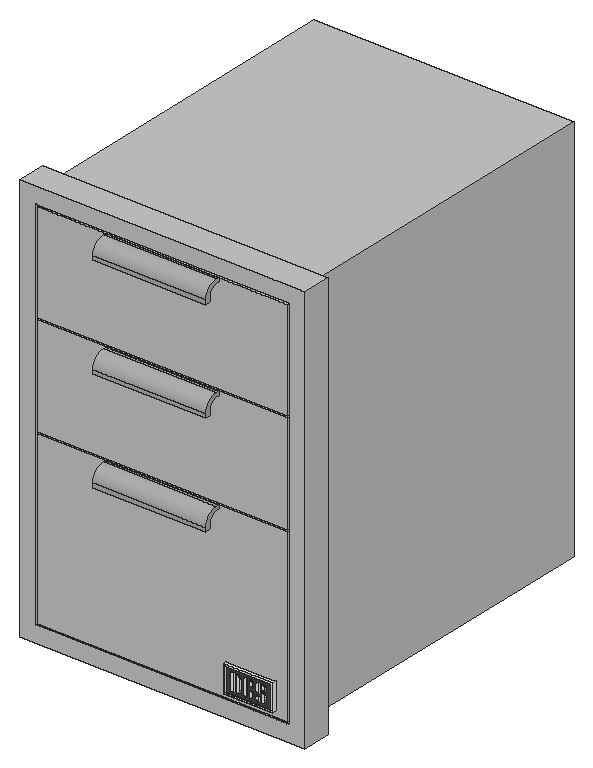
Revit family "DCS_Revit_18_TDT1-20_Storage_593519A", category Specialty Equipment, Revit 2018
Family settings
  Round Connector Dimension = Use Diameter
  Part Type = Normal
  OmniClass Number = 23.40.40.14.17.21
  OmniClass Title = Grills
  Work Plane-Based = No
  Always vertical = Yes
  Cut with Voids When Loaded = Yes
  Shared = No
  Room Calculation Point = No
Parameters (values of type "TDT1-20")
  Visibility - Clearance Required = yes
  URL = "www.dcsappliances.com"
  Product - Width = 516 mm  # constant formula
  Product - Height = 740 mm  # constant formula
  Product - Depth = 666 mm  # constant formula
  Model = "TDT1-20"
  Material - Handle = DCS - Aluminium
  Material - Body = DCS - Stainless Steel
  Manufacturer = "Fisher & Paykel"
  Keynote = ""
  Description = "Access Drawers Built-in"
  Chassis - Width = 469 mm  # constant formula
  Chassis - Height = 705 mm  # constant formula
  Chassis - Depth = 585 mm  # constant formula
  Cavity - Width = 480 mm  # constant formula
  Cavity - Height = 710 mm  # constant formula
  Cavity - Depth = 587 mm  # constant formula
Reference planes
  plane 1 "Center (Front/Back)": y = 0
  plane 2: z = 0
  plane 3 "Center (Left/Right)": x = 0
  plane 4 "Cavity - Height": z = 710
  plane 5 "Product LHS": x = -258
  plane 6 "Product RHS": x = 258
  plane 7 "Product - Depth": y = 585
  plane 8 "Cavity LHS": x = -240
  plane 9 "Cavity RHS": x = 240
  plane 10 "Cavity - Depth": y = 587
  plane 11 "Chassis LHS": x = -234.5
  plane 12 "Chassis RHS": x = 234.5
  plane 13 "Product - Height": z = 717
  plane 14 "Chassis - Height": z = 705
  plane 15 "Product - Lower": z = -23
  plane 16 "Handle": y = -81
Forms (mm)
  Extrusion 1, solid, material "DCS - Stainless Steel" <- "Material - Body"
    sketch origin (0, 0, 0) x (1, 0, 0) y (0, 0, 1)
      loop
        line (-258, 717) -> (-258, -23) -> (258, -23) -> (258, 717) -> (-258, 717)
      loop
        line (229.4, 5.6) -> (229.4, 688.4) -> (-229.4, 688.4) -> (-229.4, 5.6) -> (229.4, 5.6)
      loop
        line (-226.2, 8.8) -> (226.2, 8.8) -> (226.2, 316.8) -> (-226.2, 316.8) -> (-226.2, 8.8)
      loop
        line (226.2, 685.2) -> (-226.2, 685.2) -> (-226.2, 504.14) -> (226.2, 504.14) -> (226.2, 685.2)
      loop
        line (226.2, 501.06) -> (-226.2, 501.06) -> (-226.2, 320) -> (226.2, 320) -> (226.2, 501.06)
    from 0 to 51
  Extrusion 2, solid, material "DCS - Stainless Steel" <- "Material - Body"
    sketch origin (0, 0, 0) x (1, 0, 0) y (0, 0, 1)
      loop
        line (-234.5, 705) -> (-234.5, 0) -> (234.5, 0) -> (234.5, 705) -> (-234.5, 705)
    from -585 to 0
  Extrusion 3, solid, material "DCS - Aluminium" <- "Material - Handle"
    sketch origin (0, 0, 0) x (0, 1, 0) y (0, 0, 1)
      loop
        arc (-56.894, 685.263) -> (-73.941, 678.617) -> (-81.06, 661.763) r 23.509
        line (-81.06, 661.763) -> (-81.06, 655.083) -> (-72.17, 655.083) -> (-72.17, 669.453)
        arc (-72.17, 669.453) -> (-66.093, 675.897) -> (-57.56, 678.273) r 16.51
        line (-57.56, 678.273) -> (-51, 678.273) -> (-51, 685.263) -> (-56.894, 685.263)
      loop
        arc (-56.894, 501.123) -> (-73.941, 494.477) -> (-81.06, 477.623) r 23.509
        line (-81.06, 477.623) -> (-81.06, 470.943) -> (-72.17, 470.943) -> (-72.17, 485.313)
        arc (-72.17, 485.313) -> (-66.093, 491.757) -> (-57.56, 494.133) r 16.51
        line (-57.56, 494.133) -> (-51, 494.133) -> (-51, 501.123) -> (-56.894, 501.123)
      loop
        arc (-56.894, 316.863) -> (-73.941, 310.217) -> (-81.06, 293.363) r 23.509
        line (-81.06, 293.363) -> (-81.06, 286.683) -> (-72.17, 286.683) -> (-72.17, 301.053)
        arc (-72.17, 301.053) -> (-66.093, 307.497) -> (-57.56, 309.873) r 16.51
        line (-57.56, 309.873) -> (-51, 309.873) -> (-51, 316.863) -> (-56.894, 316.863)
    from -102 to 102
  Extrusion 4, solid, material "DCS - Clearance Required", visible <- "Visibility - Clearance Required", detail levels coarse
    sketch origin (0, 0, 0) x (0, 1, 0) y (0, 0, 1)
      loop
        line (0, 0) -> (587, 0) -> (587, 710) -> (0, 710) -> (0, 0)
    from -240 to 240
  Extrusion 5, void
    sketch origin (0, 0, 0) x (0, 1, 0) y (0, 0, 1)
      loop
        line (0, 0) -> (587, 0) -> (587, 710) -> (0, 710) -> (0, 0)
    from -240 to 240
  Extrusion 6, solid, material "DCS - Clearance Required", visible <- "Visibility - Clearance Required", detail levels coarse
    sketch origin (0, 0, 0) x (0, 1, 0) y (0, 0, 1)
      loop
        arc (-499.394, 685.2) -> (-514.233, 678.328) -> (-521, 663.442) r 23.509
        line (-521, 663.442) -> (-521, 655.083) -> (-491, 655.083) -> (-491, 501.06) -> (-499.394, 501.06)
        arc (-499.394, 501.06) -> (-514.233, 494.188) -> (-521, 479.302) r 23.509
        line (-521, 479.302) -> (-521, 470.943) -> (-491, 470.943) -> (-491, 316.8) -> (-499.394, 316.8)
        arc (-499.394, 316.8) -> (-514.233, 309.928) -> (-521, 295.042) r 23.509
        line (-521, 295.042) -> (-521, 286.683) -> (-491, 286.683) -> (-491, 8.8) -> (-51, 8.8) -> (-51, 685.2) -> (-491, 685.2) -> (-499.394, 685.2)
    from -226.2 to 226.2
Text (mm)
  text "Due to ongoing product development, product details are subject to change without notice. \nPlease always refer to www.fisherpaykel.com for the most current product information. \n© Fisher & Paykel Appliances Ltd 2020" at (40.13, -602.118, 0), in view "Ref. Level (Plan)"
Dimensions and locks
  equal spacing: plane 5 "Product LHS", plane 3 "Center (Left/Right)", plane 6 "Product RHS"
  "Product - Width": plane 5 "Product LHS" to plane 6 "Product RHS"
  equal spacing: plane 8 "Cavity LHS", plane 3 "Center (Left/Right)", plane 9 "Cavity RHS"
  "Cavity - Width": plane 8 "Cavity LHS" to plane 9 "Cavity RHS"
  "Cavity - Depth": plane 10 "Cavity - Depth" to plane 1 "Center (Front/Back)"
  "Cavity - Height": plane 4 "Cavity - Height" to level
  equal spacing: plane 11 "Chassis LHS", plane 3 "Center (Left/Right)", plane 12 "Chassis RHS"
  "Chassis - Width": plane 11 "Chassis LHS" to plane 12 "Chassis RHS"
  "Chassis - Height": plane 14 "Chassis - Height" to level
  locked: level to plane 15 "Product - Lower" at 23
  "Product - Height": plane 15 "Product - Lower" to plane 13 "Product - Height"
  plane 5 "Product LHS" to plane 6 "Product RHS" = 516 mm
  "Chassis - Depth": plane 7 "Product - Depth" to plane 1 "Center (Front/Back)"
  "Product - Depth": plane 7 "Product - Depth" to plane 16 "Handle"
  aligned and locked: level to plane 2
  aligned and locked: Extrusion 2 sketch curve to plane 12 "Chassis RHS"
  aligned and locked: level to Extrusion 2 sketch curve
  aligned and locked: Extrusion 2 sketch curve to plane 11 "Chassis LHS"
  aligned and locked: Extrusion 2 sketch curve to plane 14 "Chassis - Height"
  aligned and locked: plane 1 "Center (Front/Back)" to Extrusion 2
  aligned and locked: plane 7 "Product - Depth" to Extrusion 2
  aligned and locked: Extrusion 4 to plane 9 "Cavity RHS"
  aligned and locked: plane 8 "Cavity LHS" to Extrusion 4
  aligned and locked: plane 10 "Cavity - Depth" to Extrusion 4
  aligned and locked: plane 8 "Cavity LHS" to Extrusion 5
  aligned and locked: Extrusion 5 to plane 9 "Cavity RHS"
  aligned and locked: plane 10 "Cavity - Depth" to Extrusion 5
Automatic sketch dimensions
  Extrusion 4 sketch curve to plane 1 "Center (Front/Back)" = 0 mm
  Extrusion 4 sketch curve to plane 4 "Cavity - Height" = 0 mm
  Extrusion 4 sketch curve to plane 10 "Cavity - Depth" = 0 mm
  Extrusion 4 sketch curve to level = 0 mm
  Extrusion 5 sketch curve to plane 1 "Center (Front/Back)" = 0 mm
  Extrusion 5 sketch curve to plane 4 "Cavity - Height" = 0 mm
  Extrusion 5 sketch curve to plane 10 "Cavity - Depth" = 0 mm
  Extrusion 5 sketch curve to level = 0 mm
  plane 5 "Product LHS" to Extrusion 1 sketch curve = 0 mm
  plane 6 "Product RHS" to Extrusion 1 sketch curve = 0 mm
  Extrusion 1 sketch curve to plane 15 "Product - Lower" = 0 mm
  Extrusion 1 sketch curve to plane 13 "Product - Height" = 0 mm
  Extrusion 1 sketch curve to plane 11 "Chassis LHS" = 5.1 mm
  Extrusion 1 sketch curve to Extrusion 1 sketch curve = 3.2 mm  (x6)
  plane 12 "Chassis RHS" to Extrusion 1 sketch curve = 8.3 mm
  level to Extrusion 1 sketch curve = 5.6 mm
  Extrusion 1 sketch curve to plane 14 "Chassis - Height" = 19.8 mm
  Extrusion 1 sketch curve to Extrusion 1 sketch curve = 308 mm
  Extrusion 1 sketch curve to Extrusion 1 sketch curve = 181.06 mm
  Extrusion 1 sketch curve to Extrusion 1 sketch curve = 3.08 mm
  Extrusion 1 sketch curve to Extrusion 1 sketch curve = 0 mm  (x3)
  Extrusion 3 sketch curve to Extrusion 3 sketch curve = 14.61 mm  (x3)
  Extrusion 3 sketch curve to Extrusion 3 sketch curve = 0.009 mm  (x3)
  Extrusion 3 sketch curve to Extrusion 3 sketch curve = 0.666 mm  (x3)
  Extrusion 3 sketch curve to Extrusion 3 sketch curve = 6.56 mm  (x2)
  Extrusion 3 sketch curve to Extrusion 3 sketch curve = 5.894 mm
  level to Extrusion 3 sketch curve = 286.683 mm
  Extrusion 3 sketch curve to Extrusion 3 sketch curve = 6.681 mm  (x3)
  Extrusion 3 sketch curve to Extrusion 3 sketch curve = 0 mm  (x3)
  Extrusion 3 sketch curve to Extrusion 3 sketch curve = 7.689 mm  (x3)
  Extrusion 3 sketch curve to Extrusion 3 sketch curve = 154.08 mm
  Extrusion 3 sketch curve to plane 14 "Chassis - Height" = 49.917 mm
  plane 1 "Center (Front/Back)" to Extrusion 3 sketch curve = 81.06 mm  (x3)
  Extrusion 3 sketch curve to Extrusion 3 sketch curve = 8.89 mm  (x3)
  Extrusion 6 sketch curve to plane 16 "Handle" = 440 mm
  Extrusion 6 sketch curve to plane 14 "Chassis - Height" = 41.558 mm
  Extrusion 6 sketch curve to Extrusion 6 sketch curve = 0 mm  (x2)
  Extrusion 6 sketch curve to Extrusion 6 sketch curve = 21.606 mm  (x3)
  Extrusion 6 sketch curve to plane 14 "Chassis - Height" = 19.8 mm
  Extrusion 6 sketch curve to Extrusion 6 sketch curve = 23.449 mm  (x2)
  Extrusion 6 sketch curve to Extrusion 6 sketch curve = 1.843 mm
  Extrusion 6 sketch curve to Extrusion 6 sketch curve = 8.394 mm  (x2)
  Extrusion 6 sketch curve to Extrusion 6 sketch curve = 6.551 mm  (x2)
  Extrusion 6 sketch curve to Extrusion 6 sketch curve = 6.681 mm  (x2)
  Extrusion 6 sketch curve to Extrusion 6 sketch curve = 154.023 mm
  Extrusion 6 sketch curve to Extrusion 6 sketch curve = 21.758 mm  (x2)
  Extrusion 6 sketch curve to Extrusion 6 sketch curve = 8.359 mm
  Extrusion 6 sketch curve to Extrusion 6 sketch curve = 154.143 mm
  level to Extrusion 6 sketch curve = 8.8 mm
  plane 16 "Handle" to Extrusion 6 sketch curve = 30 mm
Nested families
  nested 1: "DCS Logo New Large" at (159.191, -51, 42.5), type "DCS Logo New Large"
Definition of nested family "DCS Logo New Large"
  Parameters (values of type "DCS Logo New Large")
    URL = "www.dcsappliances.com"
    Product - Width = 89.45 mm
    Product - Height = 49 mm
    Product - Depth = 6 mm
    Material - Logo = none
    Material - Body = none
    Manufacturer = "Fisher & Paykel Appliances"
  Reference planes
    plane 1 "Center (Front/Back)": y = 0
    plane 2: z = 0
    plane 3 "Center (Left/Right)": x = 0
    plane 4 "Product Top": z = 24.5
    plane 5 "Product LHS": x = -44.725
    plane 6 "Product RHS": x = 44.725
    plane 7 "Product - Depth": y = -6
    plane 8 "Product Bottom": z = -24.5
  Forms (mm)
    Extrusion 1, solid, material <- "Material - Logo", detail levels medium+fine
      sketch origin (0, 0, -0.347) x (1, 0, 0) y (0, 0, 1)
        loop
          line (-44.725, 24.847) -> (-44.725, -24.153) -> (44.725, -24.153) -> (44.725, 24.847) -> (-44.725, 24.847)
        loop
          line (-41.725, 21.847) -> (-41.725, -21.153) -> (41.725, -21.153) -> (41.725, 21.847) -> (-41.725, 21.847)
      from 0 to 6
    Extrusion 2, solid, material <- "Material - Body", detail levels medium+fine
      sketch origin (0, 0, 0) x (1, 0, 0) y (0, 0, 1)
        loop
          line (-41.725, 21.5) -> (-41.725, -21.5) -> (41.725, -21.5) -> (41.725, 21.5) -> (-41.725, 21.5)
      from 0 to 4.974
    Extrusion 3, solid, material <- "Material - Logo", detail levels fine
      sketch origin (0, 0, 0) x (1, 0, 0) y (0, 0, 1)
        loop
          line (-31.141, 15.364) -> (-31.141, -15.364) -> (-25.323, -15.364) -> (-25.323, 15.364) -> (-31.141, 15.364)
        loop
          arc (-20.07, -15.416) -> (-15.93, -13.415) -> (-14.252, -9.134) r 6.301
          line (-14.252, -9.134) -> (-14.252, 9.134)
          arc (-14.252, 9.134) -> (-15.93, 13.414) -> (-20.07, 15.412) r 6.296
          line (-20.07, 15.412) -> (-20.07, -15.416)
        loop
          arc (-8.445, -9.134) -> (-6.767, -13.414) -> (-2.627, -15.412) r 6.296
          line (-2.627, -15.412) -> (-2.627, 15.416)
          arc (-2.627, 15.416) -> (-6.767, 13.415) -> (-8.445, 9.134) r 6.301
          line (-8.445, 9.134) -> (-8.445, -9.134)
        loop
          arc (2.627, -15.377) -> (6.765, -13.401) -> (8.445, -9.134) r 6.259
          line (8.445, -9.134) -> (8.445, -4.011) -> (2.627, -4.011) -> (2.627, -15.377)
        loop
          arc (8.445, 9.134) -> (6.767, 13.414) -> (2.627, 15.412) r 6.296
          line (2.627, 15.412) -> (2.627, 4.011) -> (8.445, 4.011) -> (8.445, 9.134)
        loop
          line (20.07, -2.527) -> (20.07, 15.375)
          arc (20.07, 15.375) -> (15.932, 13.4) -> (14.252, 9.134) r 6.257
          line (14.252, 9.134) -> (14.252, 4.145)
          arc (14.252, 4.145) -> (16.005, -0.199) -> (20.07, -2.527) r 7.155
        loop
          line (14.252, -6.875) -> (14.252, -9.134)
          arc (14.252, -9.134) -> (15.93, -13.414) -> (20.07, -15.412) r 6.296
          line (20.07, -15.412) -> (20.07, -6.875) -> (14.252, -6.875)
        loop
          line (25.323, 2.499) -> (25.323, -15.378)
          arc (25.323, -15.378) -> (29.461, -13.401) -> (31.141, -9.134) r 6.259
          line (31.141, -9.134) -> (31.141, -4.145)
          arc (31.141, -4.145) -> (29.481, 0.271) -> (25.323, 2.499) r 6.702
        loop
          line (25.323, 6.875) -> (31.141, 6.875) -> (31.141, 9.134)
          arc (31.141, 9.134) -> (29.464, 13.419) -> (25.323, 15.427) r 6.313
          line (25.323, 15.427) -> (25.323, 6.875)
      from 4.974 to 6
  Dimensions and locks
    plane 7 "Product - Depth" to plane 1 "Center (Front/Back)" = 6 mm
    equal spacing: Extrusion 1 sketch curve, plane 3 "Center (Left/Right)", Extrusion 1 sketch curve
    "Product - Depth": plane 7 "Product - Depth" to plane 1 "Center (Front/Back)"
    equal spacing: plane 4 "Product Top", level, plane 8 "Product Bottom"
    "Product - Height": plane 4 "Product Top" to plane 8 "Product Bottom"
    equal spacing: plane 5 "Product LHS", plane 3 "Center (Left/Right)", plane 6 "Product RHS"
    "Product - Width": plane 5 "Product LHS" to plane 6 "Product RHS"
    aligned and locked: level to plane 2
    aligned and locked: Extrusion 1 to plane 7 "Product - Depth"
    aligned and locked: Extrusion 3 to plane 7 "Product - Depth"
    aligned and locked: plane 6 "Product RHS" to Extrusion 1 sketch curve
    aligned and locked: Extrusion 1 sketch curve to plane 4 "Product Top"
    aligned and locked: plane 8 "Product Bottom" to Extrusion 1 sketch curve
    aligned and locked: Extrusion 1 sketch curve to plane 5 "Product LHS"
    aligned and locked: Extrusion 2 sketch curve to Extrusion 1  (x4)
  Automatic sketch dimensions
    Extrusion 3 sketch curve to plane 5 "Product LHS" = 13.584 mm
    Extrusion 3 sketch curve to Extrusion 3 sketch curve = 5.818 mm  (x5)
    Extrusion 3 sketch curve to Extrusion 3 sketch curve = 4.771 mm
    Extrusion 3 sketch curve to Extrusion 3 sketch curve = 4.775 mm
    Extrusion 3 sketch curve to Extrusion 3 sketch curve = 6.296 mm
    Extrusion 3 sketch curve to Extrusion 3 sketch curve = 5.807 mm  (x3)
    Extrusion 3 sketch curve to plane 3 "Center (Left/Right)" = 2.627 mm
    Extrusion 3 sketch curve to plane 3 "Center (Left/Right)" = 2.149 mm
    Extrusion 3 sketch curve to plane 3 "Center (Left/Right)" = 2.144 mm
    plane 3 "Center (Left/Right)" to Extrusion 3 sketch curve = 2.148 mm
    plane 3 "Center (Left/Right)" to Extrusion 3 sketch curve = 2.186 mm
    plane 3 "Center (Left/Right)" to Extrusion 3 sketch curve = 2.627 mm  (x2)
    Extrusion 3 sketch curve to level = 2.527 mm
    Extrusion 3 sketch curve to Extrusion 3 sketch curve = 0 mm  (x3)
    Extrusion 3 sketch curve to Extrusion 3 sketch curve = 0.439 mm
    Extrusion 3 sketch curve to Extrusion 3 sketch curve = 0.478 mm
    level to Extrusion 3 sketch curve = 4.504 mm
    Extrusion 3 sketch curve to Extrusion 3 sketch curve = 0.889 mm
    Extrusion 3 sketch curve to Extrusion 3 sketch curve = 4.369 mm
    Extrusion 3 sketch curve to Extrusion 3 sketch curve = 4.32 mm
    Extrusion 3 sketch curve to Extrusion 3 sketch curve = 4.334 mm
    Extrusion 3 sketch curve to Extrusion 3 sketch curve = 5.254 mm  (x3)
    Extrusion 3 sketch curve to Extrusion 3 sketch curve = 6.702 mm
    Extrusion 3 sketch curve to level = 4.011 mm
    Extrusion 3 sketch curve to level = 4.145 mm
    Extrusion 3 sketch curve to Extrusion 3 sketch curve = 2.865 mm
    Extrusion 3 sketch curve to Extrusion 3 sketch curve = 4.989 mm
    Extrusion 3 sketch curve to Extrusion 3 sketch curve = 5.123 mm  (x2)
    Extrusion 3 sketch curve to Extrusion 3 sketch curve = 2.259 mm  (x2)
    Extrusion 3 sketch curve to level = 9.134 mm
    Extrusion 3 sketch curve to Extrusion 3 sketch curve = 6.23 mm  (x2)
    level to Extrusion 3 sketch curve = 4.011 mm
    level to Extrusion 3 sketch curve = 6.875 mm
    level to Extrusion 3 sketch curve = 9.134 mm
    Extrusion 3 sketch curve to Extrusion 3 sketch curve = 4.63 mm
    Extrusion 1 sketch curve to plane 5 "Product LHS" = 3 mm
    Extrusion 1 sketch curve to plane 4 "Product Top" = 3 mm
    plane 8 "Product Bottom" to Extrusion 1 sketch curve = 3 mm
